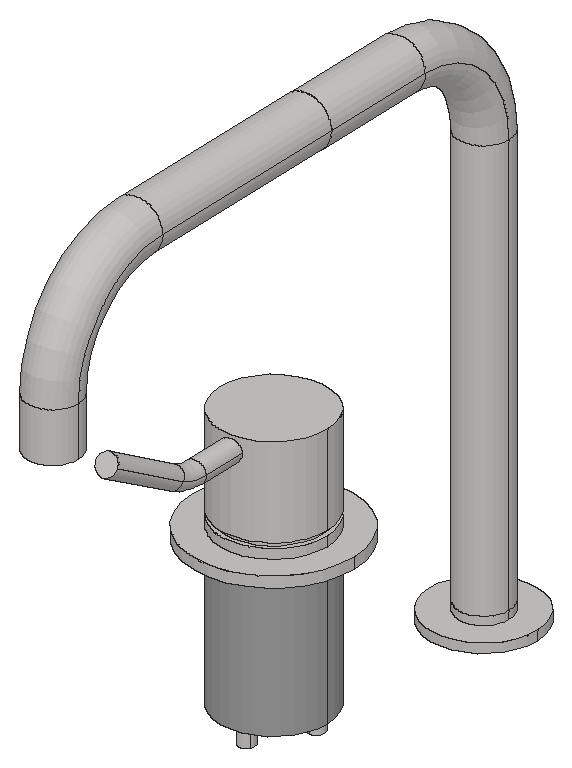
Revit family "CBR_590M", category Plumbing Fixtures, Revit 2021
Family settings
  Round Connector Dimension = Use Diameter
  Part Type = Normal
  Work Plane-Based = No
  Always vertical = Yes
  Cut with Voids When Loaded = No
  Shared = No
  Room Calculation Point = No
Parameters
  e-mail = "info@vola.com"
  Waste Connection = no
  Vent Connection = no
  URL = "http://vola.com"
  Telephone = "+45 7023 5500"
  Quality management standard = "ISO 9001"
  Organisation no. / DUNS no. = "17531328"
  Occupational health and safety management standard = "ISO 18001"
  Mounting Instructions = "http://vola.com/service/producturl.ashx?name=590A"
  Model = "590A"
  Materials and components information = "http://vola.com/service/producturl.ashx?name=590A"
  Manufacturer = "VOLA A/S"
  Maintenance Instructions = "http://vola.com/service/producturl.ashx?name=590A"
  HW Connection = no
  Guarantee = "2 years"
  Flow = "9,00 l/min"
  Environmental management standard = "ISO 14000"
  Default Elevation = 0.00 mm
  Connection - All relevant connections = "10mm flexible hose"
  CW Connection = no
  Approvals = "http://vola.com/service/producturl.ashx?name=590A"
Reference planes
  plane 1 "Center (Front/Back)": y = 0
  plane 2: z = 0
  plane 3 "Center (Left/Right)": x = 0
Dimensions and locks
  aligned and locked: plane 2 to level
Nested families
  nested 1: "CBR_090" at (0, 0, 0), type "Standard"
  nested 2: "CBR_500M" at (-78, 0, 0), type "Standard"
Connectors
  piping at (-67.175, 6.25, -63), diameter 6
    settings: on nested 2, index 1, connector inside diameter 0.23622", connector length 0.00 mm, flow factor 0, pipe flow 0 GPM, pressure drop 0.00 psi, fitting loss kfactor 0, connector angle 0.00°, fixture units 0, engagement length 0.00 mm, angle of deflection 0.00°, flow configuration 0, flow direction 1, fitting loss method 0, system type 20, joint type 0, gender type 0, connector reference index -1, connector utility 0, adjustable connector no, is connector primary yes, connector description ""
  piping at (-88.825, 6.25, -63), diameter 6
    settings: on nested 2, index 2, connector inside diameter 0.23622", connector length 0.00 mm, flow factor 0, pipe flow 0 GPM, pressure drop 0.00 psi, fitting loss kfactor 0, connector angle 0.00°, fixture units 0, engagement length 0.00 mm, angle of deflection 0.00°, flow configuration 0, flow direction 1, fitting loss method 0, system type 19, joint type 0, gender type 0, connector reference index -1, connector utility 0, adjustable connector no, is connector primary no, connector description ""
Definition of nested family "CBR_090"
  Parameters
    e-mail = "info@vola.com"
    URL = "http://vola.com"
    Telephone = "+45 7023 5500"
    Quality management standard = "ISO 9001"
    Organisation no. / DUNS no. = "17531328"
    Occupational health and safety management standard = "ISO 18001"
    Mounting Instructions = "http://vola.com/service/producturl.ashx?name=090"
    Model = "090"
    Materials and components information = "http://vola.com/service/producturl.ashx?name=090"
    Manufacturer = "VOLA A/S"
    Maintenance Instructions = "http://vola.com/service/producturl.ashx?name=090"
    Guarantee = "2 years"
    Environmental management standard = "ISO 14000"
    Default Elevation = 0.00 mm
    Connection - All relevant connections = ""
    Approvals = "http://vola.com/service/producturl.ashx?name=090"
  Reference planes
    plane 1 "Center (Front/Back)": y = 0
    plane 2: z = 0
    plane 3 "Center (Left/Right)": x = 0
  Forms (mm)
    Sweep 1, solid
      path origin (0, 0, 0) x (0, 1, 0) y (0, 0, 1)
        loop
          line (0, 6.5) -> (0, 163)
          arc (0, 163) -> (-11.423, 190.577) -> (-39, 202) r 39
          line (-39, 202) -> (-82.5, 202)
      profile origin (0, 0, 84.75) x (0, -1, 0) y (1, 0, 0)
        loop
          circle (0, 0) r 9.5
    Extrusion 2, solid
      sketch origin (0, 0, 0) x (1, 0, 0) y (0, 1, 0)
        loop
          circle (0, 0) r 20
      from 0 to 3.5
    Extrusion 3, solid
      sketch origin (0, 0, 3.5) x (1, 0, 0) y (0, 1, 0)
        loop
          circle (0, 0) r 9.5
      from 0 to 3
    Sweep 4, solid
      path origin (0, 0, 0) x (0, 1, 0) y (0, 0, 1)
        loop
          line (-82.5, 202) -> (-161, 202)
          arc (-161, 202) -> (-188.577, 190.577) -> (-200, 163) r 39
      profile origin (0, -121.75, 202) x (0, 0, -1) y (1, 0, 0)
        loop
          circle (0, 0) r 9.5
    Extrusion 5, solid
      sketch origin (0, -200, 163) x (0, -1, 0) y (-1, 0, 0)
        loop
          circle (0, 0) r 9.5
      from 0 to 18.5
  Cuts and joins
    joined: Sweep 1, Extrusion 2
  Dimensions and locks
    aligned and locked: plane 2 to level
Definition of nested family "CBR_500M"
  Parameters
    e-mail = "info@vola.com"
    URL = "http://vola.com"
    Telephone = "+45 7023 5500"
    Quality management standard = "ISO 9001"
    Organisation no. / DUNS no. = "17531328"
    Occupational health and safety management standard = "ISO 18001"
    Mounting Instructions = "http://vola.com/service/producturl.ashx?name=500M"
    Model = "500M"
    Materials and components information = "http://vola.com/service/producturl.ashx?name=500M"
    Manufacturer = "VOLA A/S"
    Maintenance Instructions = "http://vola.com/service/producturl.ashx?name=500M"
    Guarantee = "2 years"
    Flow = "14,50 l/min"
    Environmental management standard = "ISO 14000"
    Default Elevation = 0.00 mm
    Connection - All relevant connections = "10mm flexible hose"
    Approvals = "http://vola.com/service/producturl.ashx?name=500M"
  Reference planes
    plane 1 "Center (Front/Back)": y = 0
    plane 2: z = 0
    plane 3 "Center (Left/Right)": x = 0
  Forms (mm)
    Extrusion 1, solid
      sketch origin (0, 0, 0) x (1, 0, 0) y (0, 1, 0)
        loop
          circle (0, 0) r 30
      from 0 to 4
    Extrusion 2, solid
      sketch origin (0, 0, 7.5) x (1, 0, 0) y (0, 1, 0)
        loop
          circle (0, 0) r 18.25
      from 0 to 2
    Extrusion 3, solid
      sketch origin (0, 0, 9.5) x (1, 0, 0) y (0, 1, 0)
        loop
          circle (0, 0) r 20
      from 0 to 33.5
    Extrusion 4, solid
      sketch origin (0, 0, 0) x (0, 1, 0) y (1, 0, 0)
        loop
          circle (0, 0) r 20
      from 0 to 55
    Extrusion 5, solid
      sketch origin (0, 0, -55) x (0, 1, 0) y (1, 0, 0)
        loop
          circle (6.25, 10.825) r 3
        loop
          circle (6.25, -10.825) r 3
        loop
          circle (-12.5, 0) r 3
      from 0 to 8
    Extrusion 6, solid
      sketch origin (0, 0, 4) x (1, 0, 0) y (0, 1, 0)
        loop
          circle (0, 0) r 20
      from 0 to 3.5
    Sweep 7, solid
      path origin (0, 0, -79.5) x (0, 1, 0) y (0, 0, 1)
        loop
          line (0, 117.25) -> (-36.379, 117.25)
          arc (-36.379, 117.25) -> (-41.944, 117.983) -> (-47.129, 120.13) r 21.5
          line (-47.129, 120.13) -> (-77.44, 137.63)
      profile origin (0, -18.19, 37.75) x (0, 0, -1) y (1, 0, 0)
        loop
          circle (0, 0) r 4
  Cuts and joins
    joined: Extrusion 3, Sweep 7
  Lines and regions (mm)
    model lines
      curve 1: line (6.05, -19.063, 43) -> (6.05, 19.063, 43)
      curve 2: line (-6.05, -19.063, 43) -> (-6.05, 19.063, 43)
    reference lines
      curve 3: line (-10.825, 6.25, -55) -> (-10.825, 6.25, -80)
      curve 4: line (10.825, 6.25, -55) -> (10.825, 6.25, -80)
  Dimensions and locks
    aligned and locked: plane 2 to level
